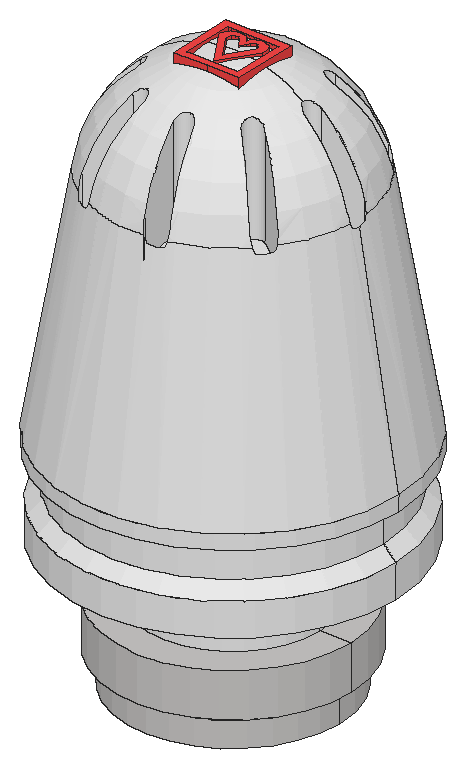
Revit family "Термостатическая головка HERZ-Design-MINI Turbo, с присоединительной резьбой М 28х1.5, 9200 16", category Rohrzubehör, Revit 2020
Family settings
  Bemaßung runder Anschluss = Durchmesser verwenden
  Teiletyp = Normal
  OmniClass-Nummer = 23.65.55.14
  OmniClass-Titel = Valves for Liquid Services
  Arbeitsebenenbasiert = Nein
  Immer vertikal = Nein
  Beim Laden mit Abzugskörper schneiden = Nein
  Gemeinsam genutzt = Nein
Parameters
  Принцип действия = "HERZ-термостатическая головка является датчиком прямого регулирования.\r\nИзменение объема жидкости в HERZ-гидросенсоре приводит в движение шток клапана."
  Область применения = "Для монтажа на всех HERZ-клапанах, предназначенных для термостатической работы."
  Номер заказа = 1920016  # constant formula
  Морозозащита = 6 °C  # constant formula
  Маховик = "Пластик, белый"  # constant formula
  Диапазон регулирования с морозозащитой = "6-28°C"  # constant formula
  Диапазон регулирования = "6-28°C"  # constant formula
  Vorgabe-Ansicht = 0 mm
  URL = "www.herz-armaturen.ru"
  S02 = 60 mm  # constant formula
  S01 = 73 mm  # constant formula
  Позиция теплового запирания "0" = "Термостатическая головка с жидкостным датчиком (гидросенсором) с позициями теплового запираниия \"0\" и морозозащиты, с ограничением и блокировкой диапазона регулирования."
  Hersteller = "HERZ Armaturen Ges.m.b.H."  # constant formula
  Позиция морозозащиты * = "Термостатическая головка с жидкостным датчиком (гидросенсором) с позицией морозозащиты и ограничением, блокировкой диапазона регулирования."
Reference planes
  plane 1 "Mitte (Vorne/hinten)": y = 0
  plane 2: z = 0
  plane 3 "Mitte (Links/rechts)": x = 0
Forms (mm)
  Revolve 1, solid, material "Kunststoff weiß", detail levels fine
    sketch origin (0, 0, 0) x (1, 0, 0) y (0, 0, 1)
      loop
        line (0, 0) -> (0, 73)
        arc (0, 73) -> (-11.397, 68.78) -> (-17.297, 58.156) r 17.5
        arc (-17.297, 58.156) -> (-20.011, 42.065) -> (-22.88, 26) r 1681.293
        line (-22.88, 26) -> (-22.88, 24) -> (-20.75, 24) -> (-20.75, 19.25) -> (-22.5, 17.5) -> (-22.5, 13) -> (-12.8, 13)
        arc (-12.8, 13) -> (-12.234, 12.766) -> (-12, 12.2) r 0.8
        line (-12, 12.2) -> (-12, 4.8) -> (-13.2, 4.8) -> (-13.2, 0) -> (0, 0)
      axis (0, 73) -> (0, 0)
    angle from 0 to 360
  Revolve 2, solid, material "Messing verzinkt", detail levels fine
    sketch origin (0, 0, 0) x (1, 0, 0) y (0, 0, 1)
      loop
        line (0, 0) -> (0, 5.5) -> (-16.35, 5.5) -> (-16.35, -0.576) -> (-14.75, -1.5) -> (-14.75, -5) -> (-13.35, -5) -> (-13.35, 0) -> (0, 0)
      axis (0, 5.5) -> (0, -5)
    angle from 0 to 360
  Extrusion 3, void
    sketch origin (0, 0, 0) x (1, 0, 0) y (0, 1, 0)
      loop
        arc (11.027, 1.298) -> (9.8, 0) -> (11.027, -1.298) r 1.3
        line (11.027, -1.298) -> (16.77, -1.62)
        arc (16.77, -1.62) -> (17.178, -1.485) -> (17.384, -1.107) r 0.586
        arc (17.384, -1.107) -> (17.453, 0.011) -> (17.382, 1.129) r 9
        arc (17.382, 1.129) -> (17.183, 1.492) -> (16.79, 1.621) r 0.564
        line (16.79, 1.621) -> (11.027, 1.298)
      loop
        line (9.282, 6.094) -> (13.904, 9.55)
        arc (13.904, 9.55) -> (14.121, 9.902) -> (14.04, 10.308) r 0.564
        arc (14.04, 10.308) -> (13.376, 11.21) -> (12.605, 12.023) r 9
        arc (12.605, 12.023) -> (12.205, 12.18) -> (11.805, 12.021) r 0.586
        line (11.805, 12.021) -> (7.613, 8.082)
        arc (7.613, 8.082) -> (7.507, 6.299) -> (9.282, 6.094) r 1.3
      loop
        arc (0.637, 11.085) -> (1.702, 9.651) -> (3.193, 10.634) r 1.3
        line (3.193, 10.634) -> (4.508, 16.234)
        arc (4.508, 16.234) -> (4.445, 16.659) -> (4.109, 16.928) r 0.586
        arc (4.109, 16.928) -> (3.02, 17.189) -> (1.907, 17.313) r 9
        arc (1.907, 17.313) -> (1.515, 17.181) -> (1.319, 16.816) r 0.564
        line (1.319, 16.816) -> (0.637, 11.085)
      loop
        line (-4.39, 10.199) -> (-6.991, 15.351)
        arc (-6.991, 15.351) -> (-7.3, 15.626) -> (-7.713, 15.617) r 0.564
        arc (-7.713, 15.617) -> (-8.717, 15.12) -> (-9.651, 14.501) r 9
        arc (-9.651, 14.501) -> (-9.875, 14.134) -> (-9.788, 13.713) r 0.586
        line (-9.788, 13.713) -> (-6.638, 8.901)
        arc (-6.638, 8.901) -> (-4.9, 8.487) -> (-4.39, 10.199) r 1.3
      loop
        arc (-10.806, 2.552) -> (-9.209, 3.352) -> (-9.918, 4.991) r 1.3
        line (-9.918, 4.991) -> (-15.204, 7.258)
        arc (-15.204, 7.258) -> (-15.634, 7.271) -> (-15.957, 6.986) r 0.586
        arc (-15.957, 6.986) -> (-16.404, 5.959) -> (-16.719, 4.884) r 9
        arc (-16.719, 4.884) -> (-16.657, 4.475) -> (-16.332, 4.219) r 0.564
        line (-16.332, 4.219) -> (-10.806, 2.552)
      loop
        line (-10.806, -2.552) -> (-16.332, -4.219)
        arc (-16.332, -4.219) -> (-16.657, -4.475) -> (-16.719, -4.884) r 0.564
        arc (-16.719, -4.884) -> (-16.404, -5.959) -> (-15.957, -6.986) r 9
        arc (-15.957, -6.986) -> (-15.634, -7.271) -> (-15.204, -7.258) r 0.586
        line (-15.204, -7.258) -> (-9.918, -4.991)
        arc (-9.918, -4.991) -> (-9.209, -3.352) -> (-10.806, -2.552) r 1.3
      loop
        arc (9.282, -6.094) -> (7.507, -6.299) -> (7.613, -8.082) r 1.3
        line (7.613, -8.082) -> (11.805, -12.021)
        arc (11.805, -12.021) -> (12.205, -12.18) -> (12.605, -12.023) r 0.586
        arc (12.605, -12.023) -> (13.376, -11.21) -> (14.04, -10.308) r 9
        arc (14.04, -10.308) -> (14.121, -9.902) -> (13.904, -9.55) r 0.564
        line (13.904, -9.55) -> (9.282, -6.094)
      loop
        line (0.637, -11.085) -> (1.319, -16.816)
        arc (1.319, -16.816) -> (1.515, -17.181) -> (1.907, -17.313) r 0.564
        arc (1.907, -17.313) -> (3.02, -17.189) -> (4.109, -16.928) r 9
        arc (4.109, -16.928) -> (4.445, -16.659) -> (4.508, -16.234) r 0.586
        line (4.508, -16.234) -> (3.193, -10.634)
        arc (3.193, -10.634) -> (1.702, -9.651) -> (0.637, -11.085) r 1.3
      loop
        arc (-4.39, -10.199) -> (-4.9, -8.487) -> (-6.638, -8.901) r 1.3
        line (-6.638, -8.901) -> (-9.788, -13.713)
        arc (-9.788, -13.713) -> (-9.875, -14.134) -> (-9.651, -14.501) r 0.586
        arc (-9.651, -14.501) -> (-8.717, -15.12) -> (-7.713, -15.617) r 9
        arc (-7.713, -15.617) -> (-7.3, -15.626) -> (-6.991, -15.351) r 0.564
        line (-6.991, -15.351) -> (-4.39, -10.199)
    from 55 to 73
Cuts and joins
  Extrusion 3 cuts Revolve 1
Lines and regions (mm)
  model lines, detail levels coarse+medium
    curve 1: line (0, 0, 0) -> (0, 0, 13)
    curve 2: line (0, -0.017, 0) -> (0, 13, 0)
    curve 3: circle (0, 0, 43) r 30 normal (0, -1, 0)
    curve 4: line (0, 0, 23) -> (0, 0, 63)
    curve 5: line (-17.5, 0, 63) -> (17.5, 0, 63)
    curve 6: circle (0, -0.017, 43) r 30 normal (1, 0, 0)
    curve 7: line (0, -0.017, 23) -> (0, -0.017, 63)
    curve 8: line (0, 17.483, 63) -> (0, -17.517, 63)
    curve 9: circle (0, 43, 0) r 30 normal (0, 0, 1)
    curve 10: line (0, 23, 0) -> (0, 63, 0)
    curve 11: line (-17.5, 63, 0) -> (17.5, 63, 0)
Dimensions and locks
  "S01": curve 3 to plane 2
  "S01": curve 6 to plane 2
  "S01": plane 1 "Mitte (Vorne/hinten)" to curve 9
  "S02": diameter of curve 3
  "S02": diameter of curve 6
  "S02": diameter of curve 9
  aligned and locked: level to plane 2
Automatic sketch dimensions
  Revolve 1 sketch curve to level = 0 mm
  Revolve 1 sketch curve to plane 3 "Mitte (Links/rechts)" = 0 mm  (x2)
  Revolve 1 sketch curve to plane 3 "Mitte (Links/rechts)" = 12 mm
  Revolve 1 sketch curve to Revolve 1 sketch curve = 0.8 mm
  Revolve 1 sketch curve to Revolve 1 sketch curve = 1.2 mm
  Revolve 1 sketch curve to Revolve 1 sketch curve = 7.95 mm
  Revolve 1 sketch curve to Revolve 1 sketch curve = 1.75 mm  (x2)
  Revolve 1 sketch curve to Revolve 1 sketch curve = 2.13 mm
  level to Revolve 1 sketch curve = 329.658 mm
  Revolve 1 sketch curve to plane 3 "Mitte (Links/rechts)" = 1676.524 mm
  level to Revolve 1 sketch curve = 4.8 mm
  Revolve 1 sketch curve to Revolve 1 sketch curve = 7.4 mm
  Revolve 1 sketch curve to Revolve 1 sketch curve = 4.5 mm
  Revolve 1 sketch curve to Revolve 1 sketch curve = 4.75 mm
  Revolve 1 sketch curve to Revolve 1 sketch curve = 2 mm
  Revolve 1 sketch curve to Revolve 1 sketch curve = 29.5 mm
  Revolve 1 sketch curve to Revolve 1 sketch curve = 17.5 mm
  Revolve 1 sketch curve to level = 366.045 mm
  Revolve 1 sketch curve to Revolve 1 sketch curve = 2141.315 mm
  Revolve 2 sketch curve to level = 0 mm
  Revolve 2 sketch curve to plane 3 "Mitte (Links/rechts)" = 0 mm  (x2)
  Revolve 2 sketch curve to level = 5 mm
  Revolve 2 sketch curve to plane 3 "Mitte (Links/rechts)" = 13.35 mm
  Revolve 2 sketch curve to Revolve 2 sketch curve = 1.4 mm
  Revolve 2 sketch curve to level = 0.576 mm
  Revolve 2 sketch curve to Revolve 2 sketch curve = 1.6 mm
  Revolve 2 sketch curve to level = 1.5 mm
  level to Revolve 2 sketch curve = 5.5 mm
  Revolve 2 sketch curve to Revolve 2 sketch curve = 361.045 mm
  Revolve 2 sketch curve to Revolve 2 sketch curve = 2208.815 mm
  plane 1 "Mitte (Vorne/hinten)" to Extrusion 3 sketch curve = 0 mm  (x2)
  Extrusion 3 sketch curve to plane 1 "Mitte (Vorne/hinten)" = 4.219 mm
  Extrusion 3 sketch curve to plane 3 "Mitte (Links/rechts)" = 16.332 mm
  plane 1 "Mitte (Vorne/hinten)" to Extrusion 3 sketch curve = 4.219 mm
  Extrusion 3 sketch curve to Extrusion 3 sketch curve = 0 mm  (x11)
  Extrusion 3 sketch curve to Extrusion 3 sketch curve = 0.163 mm  (x2)
  Extrusion 3 sketch curve to Extrusion 3 sketch curve = 0.734 mm  (x2)
  plane 1 "Mitte (Vorne/hinten)" to Extrusion 3 sketch curve = 7.258 mm
  Extrusion 3 sketch curve to Extrusion 3 sketch curve = 0.231 mm  (x2)
  Extrusion 3 sketch curve to plane 1 "Mitte (Vorne/hinten)" = 7.258 mm
  plane 1 "Mitte (Vorne/hinten)" to Extrusion 3 sketch curve = 2.552 mm
  Extrusion 3 sketch curve to Extrusion 3 sketch curve = 5.526 mm
  Extrusion 3 sketch curve to plane 1 "Mitte (Vorne/hinten)" = 2.552 mm
  Extrusion 3 sketch curve to Extrusion 3 sketch curve = 0.375 mm  (x2)
  Extrusion 3 sketch curve to Extrusion 3 sketch curve = 0.512 mm  (x2)
  Extrusion 3 sketch curve to Extrusion 3 sketch curve = 5.416 mm  (x2)
  Extrusion 3 sketch curve to Extrusion 3 sketch curve = 0.49 mm  (x2)
  Extrusion 3 sketch curve to Extrusion 3 sketch curve = 2.488 mm  (x2)
  Extrusion 3 sketch curve to Extrusion 3 sketch curve = 1.803 mm  (x2)
  Extrusion 3 sketch curve to Extrusion 3 sketch curve = 0.504 mm  (x2)
  Extrusion 3 sketch curve to Extrusion 3 sketch curve = 3.281 mm  (x2)
  Extrusion 3 sketch curve to Extrusion 3 sketch curve = 1.088 mm  (x2)
  Extrusion 3 sketch curve to Extrusion 3 sketch curve = 1.16 mm  (x2)
  Extrusion 3 sketch curve to Extrusion 3 sketch curve = 1.324 mm  (x2)
  plane 3 "Mitte (Links/rechts)" to Extrusion 3 sketch curve = 0.637 mm  (x2)
  plane 3 "Mitte (Links/rechts)" to Extrusion 3 sketch curve = 1.319 mm  (x2)
  plane 3 "Mitte (Links/rechts)" to Extrusion 3 sketch curve = 1.468 mm  (x2)
  Extrusion 3 sketch curve to Extrusion 3 sketch curve = 0.561 mm  (x2)
  Extrusion 3 sketch curve to Extrusion 3 sketch curve = 1.291 mm  (x2)
  Extrusion 3 sketch curve to Extrusion 3 sketch curve = 1.266 mm  (x2)
  Extrusion 3 sketch curve to Extrusion 3 sketch curve = 2.058 mm  (x2)
  Extrusion 3 sketch curve to Extrusion 3 sketch curve = 0.57 mm  (x2)
  Extrusion 3 sketch curve to Extrusion 3 sketch curve = 5.007 mm  (x2)
  Extrusion 3 sketch curve to Extrusion 3 sketch curve = 1.138 mm  (x2)
  Extrusion 3 sketch curve to Extrusion 3 sketch curve = 1.978 mm
  Extrusion 3 sketch curve to Extrusion 3 sketch curve = 0.89 mm  (x2)
  Extrusion 3 sketch curve to Extrusion 3 sketch curve = 0.779 mm  (x2)
  plane 1 "Mitte (Vorne/hinten)" to Extrusion 3 sketch curve = 1.298 mm
  Extrusion 3 sketch curve to Extrusion 3 sketch curve = 2.575 mm
  Extrusion 3 sketch curve to Extrusion 3 sketch curve = 0.073 mm
  Extrusion 3 sketch curve to Extrusion 3 sketch curve = 4.192 mm  (x2)
  Extrusion 3 sketch curve to Extrusion 3 sketch curve = 0.401 mm  (x2)
  Extrusion 3 sketch curve to Extrusion 3 sketch curve = 1.36 mm  (x2)
  Extrusion 3 sketch curve to Extrusion 3 sketch curve = 0.338 mm  (x2)
  plane 1 "Mitte (Vorne/hinten)" to Extrusion 3 sketch curve = 1.62 mm
  Extrusion 3 sketch curve to Extrusion 3 sketch curve = 5.743 mm
  Extrusion 3 sketch curve to plane 1 "Mitte (Vorne/hinten)" = 1.621 mm
  Extrusion 3 sketch curve to Extrusion 3 sketch curve = 0.02 mm
  Extrusion 3 sketch curve to Extrusion 3 sketch curve = 0.033 mm
  Extrusion 3 sketch curve to Extrusion 3 sketch curve = 0.032 mm
  plane 1 "Mitte (Vorne/hinten)" to Extrusion 3 sketch curve = 7.32 mm
  Extrusion 3 sketch curve to Extrusion 3 sketch curve = 6.784 mm
  Extrusion 3 sketch curve to Extrusion 3 sketch curve = 1.004 mm
  Extrusion 3 sketch curve to Extrusion 3 sketch curve = 1.581 mm  (x2)
  Extrusion 3 sketch curve to Extrusion 3 sketch curve = 1.468 mm
  Extrusion 3 sketch curve to Extrusion 3 sketch curve = 0.712 mm  (x2)
  Extrusion 3 sketch curve to Extrusion 3 sketch curve = 0.452 mm  (x2)
  Extrusion 3 sketch curve to Extrusion 3 sketch curve = 2.31 mm  (x2)
  Extrusion 3 sketch curve to Extrusion 3 sketch curve = 0.297 mm  (x2)
  Extrusion 3 sketch curve to Extrusion 3 sketch curve = 1.591 mm  (x2)
  Extrusion 3 sketch curve to Extrusion 3 sketch curve = 0.427 mm  (x2)
  Extrusion 3 sketch curve to Extrusion 3 sketch curve = 4.812 mm  (x2)
  Extrusion 3 sketch curve to Extrusion 3 sketch curve = 0.321 mm  (x2)
  Extrusion 3 sketch curve to Extrusion 3 sketch curve = 1.063 mm  (x2)
  Extrusion 3 sketch curve to Extrusion 3 sketch curve = 0.254 mm  (x2)
  Extrusion 3 sketch curve to Extrusion 3 sketch curve = 5.599 mm  (x2)
  Extrusion 3 sketch curve to Extrusion 3 sketch curve = 0.134 mm  (x2)
  Extrusion 3 sketch curve to Extrusion 3 sketch curve = 0.382 mm  (x2)
  Extrusion 3 sketch curve to Extrusion 3 sketch curve = 0.067 mm  (x2)
  Extrusion 3 sketch curve to Extrusion 3 sketch curve = 0.947 mm
  Extrusion 3 sketch curve to Extrusion 3 sketch curve = 0.539 mm  (x2)
  Extrusion 3 sketch curve to Extrusion 3 sketch curve = 1.702 mm
  Extrusion 3 sketch curve to Extrusion 3 sketch curve = 2.439 mm
  Extrusion 3 sketch curve to Extrusion 3 sketch curve = 0.54 mm  (x2)
  Extrusion 3 sketch curve to Extrusion 3 sketch curve = 0.905 mm
  Extrusion 3 sketch curve to Extrusion 3 sketch curve = 0.585 mm
  Extrusion 3 sketch curve to Extrusion 3 sketch curve = 0.564 mm
  Extrusion 3 sketch curve to Extrusion 3 sketch curve = 0.339 mm
  Extrusion 3 sketch curve to Extrusion 3 sketch curve = 1.245 mm
  Extrusion 3 sketch curve to plane 1 "Mitte (Vorne/hinten)" = 5.433 mm
  Extrusion 3 sketch curve to Extrusion 3 sketch curve = 0.661 mm
  Extrusion 3 sketch curve to Extrusion 3 sketch curve = 1.041 mm
  Extrusion 3 sketch curve to Extrusion 3 sketch curve = 4.429 mm
  Extrusion 3 sketch curve to Extrusion 3 sketch curve = 2.891 mm
  Extrusion 3 sketch curve to Extrusion 3 sketch curve = 3.456 mm
  Extrusion 3 sketch curve to plane 1 "Mitte (Vorne/hinten)" = 1.298 mm  (x2)
  plane 1 "Mitte (Vorne/hinten)" to curve 6 = 0.017 mm
  plane 1 "Mitte (Vorne/hinten)" to curve 7 = 0.017 mm
  curve 8 to curve 7 = 17.5 mm
  curve 8 to plane 1 "Mitte (Vorne/hinten)" = 17.483 mm
  curve 7 to curve 6 = 20 mm
  curve 6 to curve 8 = 20 mm
  curve 3 to plane 3 "Mitte (Links/rechts)" = 0 mm
  curve 4 to plane 3 "Mitte (Links/rechts)" = 0 mm
  curve 1 to plane 3 "Mitte (Links/rechts)" = 0 mm
  curve 1 to level = 0 mm
  curve 5 to curve 4 = 17.5 mm
  plane 3 "Mitte (Links/rechts)" to curve 5 = 17.5 mm
  curve 1 to curve 4 = 10 mm
  curve 3 to curve 5 = 20 mm
  curve 9 to plane 3 "Mitte (Links/rechts)" = 0 mm
  curve 10 to plane 3 "Mitte (Links/rechts)" = 0 mm
  curve 2 to plane 3 "Mitte (Links/rechts)" = 0 mm
  curve 11 to curve 10 = 17.5 mm
  plane 3 "Mitte (Links/rechts)" to curve 11 = 17.5 mm
  plane 1 "Mitte (Vorne/hinten)" to curve 2 = 0.017 mm
  curve 2 to curve 10 = 10 mm
  curve 9 to curve 11 = 20 mm
Nested families
  nested 1: "Herz-Logo" at (0, 0, 71.5), type "Herz-Logo", detail levels fine
Definition of nested family "Herz-Logo"
  Parameters (values of type "Herz-Logo")
    Default Elevation = 0 mm
  Reference planes
    plane 1 "Mitte (Vorne/hinten)": y = 0
    plane 2: z = 0
    plane 3 "Mitte (Links/rechts)": x = 0
  Forms (mm)
    Extrusion 1, solid
      sketch origin (0, 0, 0) x (1, 0, 0) y (0, 1, 0)
        loop
          line (-0.018, -4.517) -> (4.482, -4.517) -> (4.482, 4.483) -> (-4.518, 4.483) -> (-4.518, -4.517) -> (-0.018, -4.517)
        loop
          line (-0.05, -3.48) -> (3.482, -3.48) -> (3.482, 3.483) -> (-3.518, 3.483) -> (-3.518, -3.48) -> (-0.05, -3.48)
        loop
          arc (-0.018, 2.383) -> (-1.543, 3.287) -> (-3.067, 2.383) r 1.738
          arc (-3.067, 2.383) -> (-3.191, 1.899) -> (-3.067, 1.415) r 1.009
          line (-3.067, 1.415) -> (-0.018, -3.281) -> (3.032, 1.415)
          arc (3.032, 1.415) -> (3.156, 1.899) -> (3.032, 2.383) r 1.009
          arc (3.032, 2.383) -> (1.507, 3.287) -> (-0.018, 2.383) r 1.738
        loop
          arc (1.885, 1.272) -> (2.005, 1.675) -> (1.885, 2.079) r 0.74
          arc (1.885, 2.079) -> (1.265, 2.416) -> (0.644, 2.079) r 0.74
          line (0.644, 2.079) -> (-0.018, 0.97) -> (-0.679, 2.079)
          arc (-0.679, 2.079) -> (-1.3, 2.416) -> (-1.921, 2.079) r 0.74
          arc (-1.921, 2.079) -> (-2.04, 1.675) -> (-1.921, 1.272) r 0.74
          line (-1.921, 1.272) -> (-0.018, -1.658) -> (1.885, 1.272)
      from 0 to 1.5
  Dimensions and locks
    aligned and locked: level to plane 2
